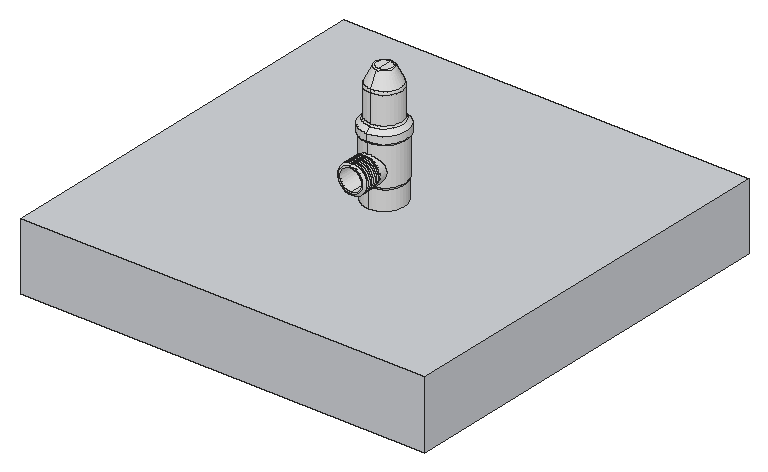
Revit family
Parameters (values of type "49957")
  URL = "www.galvinengineering.com.au"
  Type Comments = "Tamper Resistant"
  StyleOrType_ANZRS = "Plumbing Fixture"
  Seating = ""
  PlumbingMaterial_ANZRS = Metal_Taps_DR-Brass-with-Chrome-Finish_10800
  Outlet = "15mm BSP"
  ModifiedIssue_ANZRS = 20120629.01  # constant formula
  Model = "49957"
  Manufacturer = "Galvin Engineering"
  Keynote = "15400"
  Instructions = "http://www.galvinengineering.com.au/Installation_Guides_1.aspx"
  Inlet = "15mm BSP"
  FlowRate = 0.15 L/s
  FilterObject_ANZRS = "Tamper Resistant"
  DimOutletRadius = 7.5 mm  # constant formula
  DimInletRadius = 7.5 mm  # constant formula
  DimDepth = 89 mm  # constant formula
  Description = "Tamper Resistant Cistern Tap"
  Default Elevation = 900 mm
  CreatedBy_ANZRS = "Galvin Engineering"  # constant formula
  CreatedByURL_ANZRS = "www.galvinengineering.com.au"
  CreatedByPhoneNo_ANZRS = "61-8-92495900"  # constant formula
  Assembly Code = "D2010"
Reference planes
  plane 1 "Center (Front/Back)": y = 0
  plane 2 "Face": z = 0
  plane 3 "Center (Left/Right)": x = 0
  plane 4 "Depth": z = 89
Forms (mm)
  Extrusion 1, solid
    sketch origin (0, -719.2, 0) x (1, 0, 0) y (0, 1, 0)
      loop
        line (-150, 869.2) -> (-150, 569.2) -> (150, 569.2) -> (150, 869.2) -> (-150, 869.2)
    from 0 to -50
  Revolve 2, solid, material "Metal_Taps_DR-Brass-with-Chrome-Finish_10800" <- "PlumbingMaterial_ANZRS"
    sketch origin (0, 28.582, -7.663) x (0, 0.569708, 0.821847) y (0, -0.821847, 0.569708)
      loop
        line (63.159, 78.56) -> (59.803, 83.401)
        arc (59.803, 83.401) -> (59.387, 83.746) -> (58.852, 83.823) r 1
        line (58.852, 83.823) -> (47.266, 82.317)
        arc (47.266, 82.317) -> (46.113, 82.024) -> (45.062, 81.468) r 5
        line (45.062, 81.468) -> (28.482, 69.975)
        arc (28.482, 69.975) -> (27.609, 69.591) -> (26.655, 69.562) r 2.5
        line (26.655, 69.562) -> (22.253, 70.28) -> (17.808, 67.198) -> (17.582, 66.373) -> (18.038, 65.716) -> (-5.927, 49.103) -> (-6.596, 48.049) -> (-18.34, 39.908) -> (-9.985, 27.856) -> (63.159, 78.56)
      axis (-9.985, 27.856) -> (63.159, 78.56)
    angle from 0 to 360
  Revolve 3, solid, material "Metal_Taps_DR-Brass-with-Chrome-Finish_10800" <- "PlumbingMaterial_ANZRS"
    sketch origin (0, -94.089, 146.461) x (0, -0.821847, 0.569708) y (0, -0.569708, -0.821847)
      loop
        line (-150.586, 52.079) -> (-125.109, 69.74) -> (-125.638, 70.504) -> (-127.348, 71.15) -> (-127.221, 69.617) -> (-128.607, 70.272) -> (-128.481, 68.744) -> (-129.867, 69.398) -> (-129.741, 67.87) -> (-131.127, 68.525) -> (-131.001, 66.997) -> (-132.387, 67.651) -> (-132.26, 66.124) -> (-133.647, 66.778) -> (-133.52, 65.25) -> (-134.907, 65.905) -> (-134.78, 64.377) -> (-136.167, 65.031) -> (-136.04, 63.504) -> (-137.426, 64.158) -> (-151.97, 54.076) -> (-150.586, 52.079)
      axis (-145.954, 45.397) -> (-120.477, 63.058)
    angle from 0 to 360
Cuts and joins
  joined: Revolve 2, Revolve 3
Dimensions and locks
  "DimDepth": plane 4 "Depth" to plane 2 "Face"
  aligned and locked: plane 2 "Face" to Extrusion 1
  aligned and locked: level to Extrusion 1
  aligned and locked: plane 1 "Center (Front/Back)" to Revolve 2 sketch curve
  aligned and locked: Revolve 2 sketch curve to plane 1 "Center (Front/Back)"
Automatic sketch dimensions
  Extrusion 1 sketch curve to Extrusion 1 sketch curve = 300 mm  (x2)
  Revolve 2 sketch curve to level = 0 mm
  Revolve 2 sketch curve to Revolve 2 sketch curve = 8.355 mm
  Revolve 2 sketch curve to Revolve 2 sketch curve = 11.744 mm
  Revolve 2 sketch curve to Revolve 2 sketch curve = 0.225 mm
  Revolve 2 sketch curve to Revolve 2 sketch curve = 0.456 mm
  Revolve 2 sketch curve to Revolve 2 sketch curve = 4.446 mm
  Revolve 2 sketch curve to Revolve 2 sketch curve = 4.402 mm
  Revolve 2 sketch curve to Revolve 2 sketch curve = 0.403 mm
  Revolve 2 sketch curve to Revolve 2 sketch curve = 1.827 mm
  Revolve 2 sketch curve to Revolve 2 sketch curve = 6.061 mm
  Revolve 2 sketch curve to Revolve 2 sketch curve = 16.58 mm
  Revolve 2 sketch curve to Revolve 2 sketch curve = 2.204 mm
  Revolve 2 sketch curve to Revolve 2 sketch curve = 0.645 mm
  Revolve 2 sketch curve to Revolve 2 sketch curve = 11.586 mm
  Revolve 2 sketch curve to Revolve 2 sketch curve = 0.129 mm
  Revolve 2 sketch curve to Revolve 2 sketch curve = 0.822 mm
  Revolve 2 sketch curve to Revolve 2 sketch curve = 3.356 mm
  Revolve 2 sketch curve to Revolve 2 sketch curve = 29.757 mm
  Revolve 2 sketch curve to Revolve 2 sketch curve = 1.054 mm
  Revolve 2 sketch curve to Revolve 2 sketch curve = 0.718 mm
  Revolve 2 sketch curve to Revolve 2 sketch curve = 0.413 mm
  Revolve 2 sketch curve to Revolve 2 sketch curve = 6.043 mm
  Revolve 2 sketch curve to Revolve 2 sketch curve = 4.109 mm
  Revolve 2 sketch curve to Revolve 2 sketch curve = 0.57 mm
  Revolve 2 sketch curve to Revolve 2 sketch curve = 2.363 mm
  Revolve 2 sketch curve to Revolve 2 sketch curve = 0.669 mm
  Revolve 2 sketch curve to Revolve 2 sketch curve = 23.509 mm
  Revolve 2 sketch curve to Revolve 2 sketch curve = 6.993 mm
  Revolve 2 sketch curve to Revolve 2 sketch curve = 0.825 mm
  Revolve 3 sketch curve to plane 1 "Center (Front/Back)" = 0 mm  (x2)
  level to Revolve 3 sketch curve = 15.44 mm
  Revolve 3 sketch curve to Revolve 3 sketch curve = 1.384 mm
  Revolve 3 sketch curve to Revolve 3 sketch curve = 14.544 mm
  Revolve 3 sketch curve to Revolve 3 sketch curve = 1.26 mm  (x10)
  Revolve 3 sketch curve to Revolve 3 sketch curve = 0.126 mm  (x5)
  Revolve 3 sketch curve to Revolve 3 sketch curve = 5.084 mm
  Revolve 3 sketch curve to Revolve 3 sketch curve = 1.259 mm
  Revolve 3 sketch curve to Revolve 3 sketch curve = 1.582 mm
  Revolve 3 sketch curve to Revolve 3 sketch curve = 0.53 mm
  Revolve 3 sketch curve to Revolve 3 sketch curve = 13.921 mm
  Revolve 3 sketch curve to Revolve 3 sketch curve = 7.49 mm
  Revolve 3 sketch curve to Revolve 3 sketch curve = 0.654 mm
  Revolve 3 sketch curve to Revolve 3 sketch curve = 0.873 mm  (x8)
  Revolve 3 sketch curve to Revolve 3 sketch curve = 1.528 mm  (x6)
  Revolve 3 sketch curve to Revolve 3 sketch curve = 0.242 mm
  Revolve 3 sketch curve to Revolve 3 sketch curve = 0.879 mm
Connectors
  piping at (0, 0, 0), driven by "FlowRate", driven by "DimInletRadius"
    settings: on cut or joined group of Revolve 2, Revolve 3, index 1, connector radius 0.29528", flow factor 0, pipe flow 0.15 L/s, pressure drop 0.00 psi, fitting loss kfactor 0, connector angle 0.00°, fixture units 0, flow configuration 1, flow direction 1, fitting loss method 4, system type 20, connector reference index -1, connector utility 0, adjustable connector no, is connector primary yes, fitting loss table "", connector description "Inlet"
  piping at (0, -31, 26), driven by "FlowRate", driven by "DimOutletRadius"
    settings: on cut or joined group of Revolve 2, Revolve 3, index 2, connector radius 0.29528", flow factor 0, pipe flow 0.15 L/s, pressure drop 0.00 psi, fitting loss kfactor 0, connector angle 0.00°, fixture units 0, flow configuration 2, flow direction 2, fitting loss method 4, system type 20, connector reference index -1, connector utility 0, adjustable connector no, is connector primary no, fitting loss table "", connector description "Outlet"
